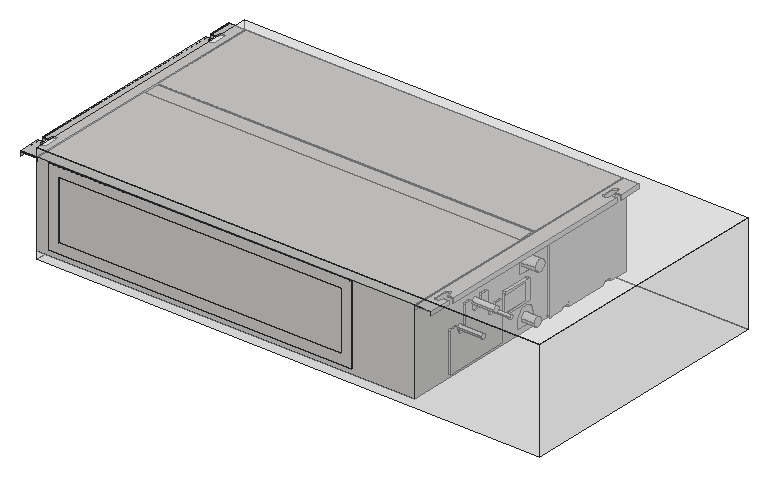
Revit family "outputfile", category 機械設備, Revit 2024
Family settings
  丸型コネクタ寸法 = 半径を使用
  パーツ タイプ = 標準
  OmniClass 番号 = 23.75.10.24.21.27.27
  OmniClass タイトル = Split System Air Conditioning Units
  作業面ベース = いいえ
  常に垂直 = はい
  ロード時にボイドで切り取り = いいえ
  注釈の向きを維持 = いいえ
  共有 = いいえ
  部屋計算ポイント = はい
Parameters (values of type "FPRAQ50APVM")
  Description = ""
  製造元 = "Daikin"
  書き出し IFC クラス(タイプ) = "IfcUnitaryEquipmentType"
  定義済み IFC タイプ(タイプ) = "AIRCONDITIONINGUNIT"
  Cost = 0
  モデル = "FPRAQ50APVM"
  Type Comments = ""
  Keynote = ""
  Type Image = (empty or 0)
  Assembly Code = ""
  r_HP/LP Gas Pipe Size = [HP/LP Gas Pipe Size] / 2  # 4.75 mm
  lw_suctionflange = 40.0 mm  # constant formula
  r_Liquid Pipe Size = Liquid Pipe Size / 2  # 3.2 mm
  r_Gas Pipe Size = Gas Pipe Size / 2  # 6.35 mm
  r_Drain Pipe Size = Drain Pipe Size / 2  # 13.0 mm
  lw_dischargeflange = 60.0 mm
  lw_SA_left = 451.0 mm
  lw_SA = Width - 178.0 mm  # 722.0 mm
  lw_RA = 818.0 mm
  lw_HP/LP Gas = 60.0 mm  # constant formula
  lh_suctionflange [instance] = if(Rear Connection_Return Air, -100.0 mm, -10.0 mm)  # -100.0 mm
  lh_power = 100.0 mm  # constant formula
  lh_mountinghole1 = lh_mountinghole  # 200.0 mm
  lh_dischargeflange = 105.5 mm  # constant formula
  lh_RA = 198.0 mm  # constant formula
  lh_HP/LP Gas = -103.0 mm  # constant formula
  left_pipe = yes
  ld_dischargeflange = 310.0 mm  # constant formula
  ld_suctionflange [instance] = if(Rear Connection_Return Air, 190.0 mm, 100.0 mm)  # 190.0 mm
  ld_HP/LP Gas = 179.0 mm  # constant formula
  angle_vertical_RA [instance] = if(Rear Connection_Return Air, 90.00°, 0.00°)  # 90.00°
  angle horizontal_RA [instance] = if(Rear Connection_Return Air, 180.00°, 270.00°)  # 180.00°
  Voltage_comment_60Hz = "220-230"
  Voltage_comment_50Hz = "220 - 240"
  Voltage_60Hz = 220 V
  Voltage_50Hz = 230 V
  URL = ""
  Supply Air Direction [instance] = yes
  Sound Power Level_H speed (dB) = 0
  Rear Connection_Return Air [instance] = not(Bottom Connection_Return Air)  # yes
  ld_RA = 190.0 mm  # constant formula
  Phase_60Hz = 1
  Phase_50Hz = 1
  Minimum External Static Pressure = 0.00 Pa
  Minimum Circuit Amps_60Hz = 0.63 A
  Minimum Circuit Amps_50Hz = 0.63 A
  Maximum Fuse Amps_60Hz = 16.0 A
  Maximum Fuse Amps_50Hz = 16.0 A
  Maximum External Static Pressure = 10.00 Pa
  Material_Casing = DAIKIN_GalvanizedSteel_Casing_indoorunit
  lw_mountinghole = 940.0 mm
  lh_gaspipe = -67.0 mm  # constant formula
  lh_mountinghole = 200.0 mm  # constant formula
  lh_liquidpipe = -103.0 mm  # constant formula
  lh_drainpipe = -50.0 mm  # constant formula
  lh_antena = 1.0 mm  # constant formula
  ld_drainpipe = 23.0 mm  # constant formula
  ld_liquidpipe = 89.0 mm  # constant formula
  ld_gaspipe = 134.0 mm  # constant formula
  ld_mountinghole = 500.0 mm  # constant formula
  h*** = 100.0 mm  # constant formula
  lw_liquidpipe = 54.5 mm  # constant formula
  lw_gaspipe = 54.5 mm  # constant formula
  lw_drainpipe = 33.0 mm  # constant formula
  Width = 900.0 mm
  Version = "ver.1.0"
  Unit Type = "Moisture Control 3D Air Flow Ceiling Mounted Duct Type"
  Unit Mass Weight = 28.00 kg
  Unit Designation [instance] = ""
  Uniclass2015Version = "Products v1.30"
  Uniclass2015Title = "Variable refrigerant flow units"
  Uniclass2015Code = "Pr_70_65_03_94"
  Total Cooling Capacity [instance] = 0.000 kW
  Sound Pressure Level_M speed (dBA) = 33
  Sound Pressure Level_L speed (dBA) = 30
  Sound Pressure Level_H speed (dBA) = 36
  Series = "VRV HOME_Fan Coil Unit"
  Sensible Cooling Capacity [instance] = 0.000 kW
  SA Duct Size Width = 656.0 mm
  SA Duct Size Height = 141.0 mm
  Refrigerant Type = "R410A"
  RA Duct Size Width = 780.0 mm
  RA Duct Size Height = 160.0 mm
  Power Input (Cooling) = 0.055 kW
  Option Accessory 3 [instance] = ""
  Option Accessory 2 [instance] = ""
  Option Accessory 1 [instance] = ""
  Nominal Cooling Capacity = 5.600 kW
  Minimum Airflow = 600.00 m³/h
  Median Airflow = 690.00 m³/h
  Maximum Airflow = 810.00 m³/h
  Load Classification = HVAC
  Liquid Pipe Size = 6.4 mm
  Link_Nested Family [instance] = ""
  IfcVersion = ""
  IfcExportType = "AIRCONDITIONINGUNIT"
  IfcExportAs = "IfcUnitaryEquipmentType"
  Height = 200.0 mm
  Heat Exchanger Type = "Cross Fin Coil"
  HP/LP Gas Pipe Size = 9.5 mm
  Gas Pipe Size = 12.7 mm
  Frequency_60Hz = 60 Hz
  Frequency_50Hz = 50 Hz
  Fan Type = "Sirocco Fan"
  Fan Drive = "Direct Drive"
  FCU Tag No. [instance] = ""
  Drain Pipe Size = 26.0 mm
  Design Supply Airflow [instance] = 0.00 m³/h
  Design Return Airflow [instance] = 0.00 m³/h
  Design External Static Pressure [instance] = 0.00 Pa
  Depth = 620.0 mm
  既定の高さ = 0.0 mm
  Cooling Entering Wet Bulb Temperature [instance] = 0.00 °C
  Cooling Entering Dry Bulb Temperature [instance] = 0.00 °C
  Cooling Ambient Wet Bulb Temperature [instance] = 0.00 °C
  Cooling Ambient Dry Bulb Temperature [instance] = 0.00 °C
  Clearance visibility [instance] = yes
  Clearance Top = 20.0 mm
  Clearance Right = 300.0 mm
  Clearance Rear = 0.0 mm
  Clearance Left = 0.0 mm
  Clearance Front = 0.0 mm
  Clearance Bottom = 20.0 mm
  Bottom Connection_Return Air [instance] = no
Reference planes
  plane 1 "Center (Front/Back)": y = 0
  plane 2 "h": z = 0
  plane 3 "Center (Left/Right)": x = 0
  plane 4 "Back": y = 310
  plane 5 "Front": y = -310
  plane 6 "Left": x = -450
  plane 7 "Reight": x = 450
  plane 8 "Top": z = 0
  plane 9 "Bottom": z = -200
  plane 10: z = 1.2
  plane 11: z = -2
  plane 12: y = -136.255
  plane 13: y = -88.831
  plane 14: x = -370
  plane 15 "lh_mountinghole": z = 0
  plane 16: z = -50
  plane 17: y = -250
  plane 18: y = 250
  plane 19 "ld_liquidpipe": y = -89
  plane 20 "ld_gaspipe": y = -134
  plane 21: y = -215
  plane 22 "ld_drainpipe": y = 23
  plane 23: x = -470
  plane 24: x = -450
  plane 25: x = 448.7
  plane 26: x = 483
  plane 27: x = 457
  plane 28: x = 460
  plane 29: x = 458
  plane 30: x = 470
  plane 31: y = 20
  plane 32: x = 480
  plane 33: x = 448
  plane 34: y = 310
  plane 35: y = -310
  plane 36: x = -450
  plane 37: x = 750
  plane 38: z = 20
  plane 39: z = -220
  plane 40: y = 335
  plane 41: z = -198
  plane 42: z = 205.102
  plane 43 "d_liquid_pipe": x = 504.5
  plane 44 "d_gas_pipe": x = 504.5
  plane 45 "ld_SA": y = -310
  plane 46: x = -350
  plane 47: x = -60
  plane 48: y = 500
  plane 49: z = -94.5
  plane 50: x = -449
  plane 51: z = -199
  plane 52: z = -1
  plane 53: y = 120
  plane 54: y = 110
  plane 55: z = -10
  plane 56 "RA_width": x = -40
  plane 57: y = 210
  plane 58 "RA_depth": y = 120
  plane 59: z = -100
  plane 60: x = -349
  plane 61: y = 309
  plane 62: x = 341.57
  plane 63: z = -30
  plane 64 "ld_HP/LP Gas": y = -179
  plane 65: x = 510
  plane 66: x = 430.5
  plane 67: y = 260.8
  plane 68 "h115": z = -84.79
  plane 69: y = 194.79
Forms (mm)
  Extrusion 1, solid, material "DAIKIN_GalvanizedSteel_Casing_indoorunit" <- "Material_Casing"
    sketch origin (0, 0, 0) x (1, 0, 0) y (0, 1, 0)
      loop
        line (-450, 310) -> (-450, -310) -> (450, -310) -> (450, 310) -> (-450, 310)
    from -200 to 0
  Extrusion 2, solid, material "DAIKIN_GalvanizedSteel_Casing_indoorunit" <- "Material_Casing"
    sketch origin (0, 0, 0) x (0, 1, 0) y (0, 0, 1)
      loop
        arc (22.012, -86.909) -> (21.133, -84.787) -> (19.012, -83.909) r 3
        line (19.012, -83.909) -> (-47.992, -83.909)
        arc (-47.992, -83.909) -> (-50.114, -84.788) -> (-50.992, -86.91) r 3
        line (-50.992, -86.91) -> (-50.992, -128.409)
        arc (-50.992, -128.409) -> (-50.114, -130.53) -> (-47.992, -131.409) r 3
        line (-47.992, -131.409) -> (19.012, -131.409)
        arc (19.012, -131.409) -> (21.133, -130.53) -> (22.012, -128.409) r 3
        line (22.012, -128.409) -> (22.012, -86.909)
    from 450 to 460
  Extrusion 3, void
    sketch origin (0, 0, 0) x (1, 0, 0) y (0, 1, 0)
      loop
        line (448.7, 48.53) -> (-450, 48.53) -> (-450, 6.27) -> (448.7, 6.27) -> (448.7, 48.53)
    from -2 to 0
  Extrusion 4, void
    sketch origin (0, 0, 0) x (0, 1, 0) y (0, 0, 1)
      loop
        line (-138.492, -87.409) -> (-138.492, -127.909) -> (9.612, -127.909) -> (9.612, -87.409) -> (-138.492, -87.409)
    from 458 to 460
  Extrusion 5, solid, material "DAIKIN_GalvanizedSteel_Casing_indoorunit" <- "Material_Casing"
    sketch origin (0, 0, 0) x (0, 1, 0) y (0, 0, 1)
      loop
        circle (20, -170) r 10
    from 450 to 480
  Extrusion 6, solid, material "DAIKIN_GalvanizedSteel_Casing_indoorunit" <- "Material_Casing"
    sketch origin (0, 0, 0) x (0, 1, 0) y (0, 0, 1)
      loop
        circle (23, -50) r 13
    from 448 to 483
  Extrusion 7, void
    sketch origin (0, 0, 0) x (0, 1, 0) y (0, 0, 1)
      loop
        arc (2.051, -70.461) -> (3.512, -73.988) -> (7.039, -75.449) r 4.988
        line (7.039, -75.449) -> (38.961, -75.449)
        arc (38.961, -75.449) -> (42.488, -73.988) -> (43.949, -70.461) r 4.988
        line (43.949, -70.461) -> (43.949, -34.039)
        arc (43.949, -34.039) -> (42.488, -30.512) -> (38.961, -29.051) r 4.988
        line (38.961, -29.051) -> (7.039, -29.051)
        arc (7.039, -29.051) -> (3.512, -30.512) -> (2.051, -34.039) r 4.988
        line (2.051, -34.039) -> (2.051, -70.461)
      loop
        arc (44.442, -169.501) -> (20.002, -145.061) -> (-4.438, -169.501) r 24.44
        line (-4.438, -169.501) -> (-4.438, -189.537) -> (44.442, -189.537) -> (44.442, -169.501)
    from 448 to 450
  Extrusion 8, solid
    sketch origin (0, 0, 0) x (0, 1, 0) y (0, 0, 1)
      loop
        circle (-89, -103) r 3.2
    from 450 to 504.5
  Extrusion 9, solid
    sketch origin (0, 0, 0) x (0, 1, 0) y (0, 0, 1)
      loop
        circle (-134, -67) r 6.35
    from 450 to 504.5
  Extrusion 10, solid, material "DAIKIN_GalvanizedSteel_Casing_indoorunit" <- "Material_Casing"
    sketch origin (0, 0, 0) x (1, 0, 0) y (0, 1, 0)
      loop
        circle (430.5, 260.8) r 17.5
    from -198 to -200
  Extrusion 11, void
    sketch origin (0, 0, 0) x (1, 0, 0) y (0, 0, 1)
      loop
        line (-449, -1) -> (-449, -199) -> (369, -199) -> (369, -1) -> (-449, -1)
    from -310 to -120
  Extrusion 12, void
    sketch origin (0, 0, 0) x (1, 0, 0) y (0, 1, 0)
      loop
        line (-449, 309) -> (-449, 111) -> (369, 111) -> (369, 309) -> (-449, 309)
    from -200 to -10
  Extrusion 13, solid, material "DAIKIN_GalvanizedSteel_Casing_indoorunit" <- "Material_Casing", visible <- "Rear Connection_Return Air"
    sketch origin (0, 0, 0) x (1, 0, 0) y (0, 1, 0)
      loop
        line (369, 309) -> (-449, 309) -> (-449, 111) -> (369, 111) -> (369, 309)
    from -200 to -199
  Extrusion 14, solid, material "DAIKIN_GalvanizedSteel_Casing_indoorunit" <- "Material_Casing", visible <- "Bottom Connection_Return Air"
    sketch origin (0, 0, 0) x (1, 0, 0) y (0, 0, 1)
      loop
        line (369, -1) -> (-449, -1) -> (-449, -199) -> (369, -199) -> (369, -1)
    from -310 to -300
  Extrusion 15, solid
    sketch origin (0, 0, 0) x (0, 1, 0) y (0, 0, 1)
      loop
        circle (-179, -103) r 4.75
    from 450 to 510
  Extrusion 16, solid, material "DAIKIN_GalvanizedSteel_Casing_indoorunit" <- "Material_Casing"
    sketch origin (0, 0, 0) x (0, 1, 0) y (0, 0, 1)
      loop
        arc (83.953, -195.012) -> (84.829, -197.128) -> (86.945, -198.005) r 2.993
        line (86.945, -198.005) -> (116.373, -198.005)
        arc (116.373, -198.005) -> (118.489, -197.128) -> (119.366, -195.012) r 2.993
        line (119.366, -195.012) -> (119.366, -188.29)
        arc (119.366, -188.29) -> (120.862, -186.794) -> (122.359, -188.29) r 1.496
        line (122.359, -188.29) -> (122.359, -190.333) -> (137.322, -190.333) -> (137.322, -188.29)
        arc (137.322, -188.29) -> (138.818, -186.794) -> (140.315, -188.29) r 1.496
        line (140.315, -188.29) -> (140.315, -195.012)
        arc (140.315, -195.012) -> (141.191, -197.128) -> (143.307, -198.005) r 2.993
        line (143.307, -198.005) -> (241.068, -198.005)
        arc (241.068, -198.005) -> (243.185, -197.128) -> (244.061, -195.012) r 2.993
        line (244.061, -195.012) -> (244.061, -188.29)
        arc (244.061, -188.29) -> (245.558, -186.794) -> (247.054, -188.29) r 1.496
        line (247.054, -188.29) -> (247.054, -190.333) -> (262.017, -190.333) -> (262.017, -188.29)
        arc (262.017, -188.29) -> (263.514, -186.794) -> (265.01, -188.29) r 1.496
        line (265.01, -188.29) -> (265.01, -195.012)
        arc (265.01, -195.012) -> (265.887, -197.128) -> (268.003, -198.005) r 2.993
        line (268.003, -198.005) -> (310, -198.005) -> (310, -22.445) -> (280.969, -22.445) -> (277.477, -25.937) -> (207.648, -25.937) -> (204.157, -22.445) -> (86.945, -22.445)
        arc (86.945, -22.445) -> (84.829, -23.322) -> (83.953, -25.438) r 2.993
        line (83.953, -25.438) -> (83.953, -195.012)
      loop
        arc (-116.44, -57.656) -> (-118.563, -58.535) -> (-119.443, -60.659) r 3.003
        line (-119.443, -60.659) -> (-119.443, -71.5)
        arc (-119.443, -71.5) -> (-134, -86.057) -> (-148.557, -71.5) r 14.557
        line (-148.557, -71.5) -> (-148.557, -60.659)
        arc (-148.557, -60.659) -> (-149.437, -58.535) -> (-151.56, -57.656) r 3.003
        line (-151.56, -57.656) -> (-164.073, -57.656)
        arc (-164.073, -57.656) -> (-166.196, -58.535) -> (-167.076, -60.659) r 3.003
        line (-167.076, -60.659) -> (-167.076, -103)
        arc (-167.076, -103) -> (-179.13, -115.055) -> (-191.185, -103) r 12.055
        line (-191.185, -103) -> (-191.185, -98.897)
        arc (-191.185, -98.897) -> (-192.064, -96.774) -> (-194.188, -95.894) r 3.003
        line (-194.188, -95.894) -> (-208.202, -95.894)
        arc (-208.202, -95.894) -> (-210.325, -96.774) -> (-211.205, -98.897) r 3.003
        line (-211.205, -98.897) -> (-211.205, -189.537) -> (-58.882, -189.537) -> (-58.882, -98.897)
        arc (-58.882, -98.897) -> (-59.762, -96.774) -> (-61.885, -95.894) r 3.003
        line (-61.885, -95.894) -> (-74.026, -95.894)
        arc (-74.026, -95.894) -> (-76.15, -96.774) -> (-77.029, -98.897) r 3.003
        line (-77.029, -98.897) -> (-77.029, -103)
        arc (-77.029, -103) -> (-88.977, -114.948) -> (-100.924, -103) r 11.948
        line (-100.924, -103) -> (-100.924, -60.659)
        arc (-100.924, -60.659) -> (-101.804, -58.535) -> (-103.927, -57.656) r 3.003
        line (-103.927, -57.656) -> (-116.44, -57.656)
    from 450 to 457
  Revolve 17, solid, material "DAIKIN_GalvanizedSteel_Casing_indoorunit" <- "Material_Casing", visible <- "left_pipe"
    sketch origin (0, 0, -84.79) x (0, 1, 0) y (-1, 0, 0)
      loop
        line (194.79, 450) -> (194.79, 465.7) -> (187.29, 465.7) -> (187.29, 458.7) -> (177.29, 458.7) -> (177.29, 450) -> (194.79, 450)
      axis (194.79, 465.7) -> (194.79, 450)
    angle from 0 to 360
Cuts and joins
  Extrusion 3, Extrusion 4, Extrusion 7, Extrusion 11, Extrusion 12 cuts Extrusion 1
  Extrusion 4 cuts Extrusion 2
  Extrusion 11 cuts Extrusion 6
Dimensions and locks
  "Height": plane 8 "Top" to plane 9 "Bottom"
  locked: plane 10 to plane 8 "Top" at 1.2
  locked: plane 8 "Top" to plane 11 at 2
  equal spacing: plane 17, plane 1 "Center (Front/Back)", plane 18
  "ld_mountinghole": plane 17 to plane 18
  "ld_gaspipe": plane 20 "ld_gaspipe" to plane 1 "Center (Front/Back)"
  "ld_liquidpipe": plane 19 "ld_liquidpipe" to plane 1 "Center (Front/Back)"
  equal spacing: plane 4 "Back", plane 1 "Center (Front/Back)", plane 5 "Front"
  "Depth": plane 4 "Back" to plane 5 "Front"
  locked: plane 12 to plane 1 "Center (Front/Back)" at 136.255
  locked: plane 12 to plane 13 at 47.425
  locked: plane 13 to plane 1 "Center (Front/Back)" at 88.831
  equal spacing: plane 6 "Left", plane 3 "Center (Left/Right)", plane 7 "Reight"
  "Width": plane 6 "Left" to plane 7 "Reight"
  "lw_drainpipe": plane 7 "Reight" to plane 26
  locked: plane 7 "Reight" to plane 27 at 7
  locked: plane 28 to plane 26 at 23
  locked: plane 29 to plane 26 at 25
  equal spacing: plane 23, plane 3 "Center (Left/Right)", plane 30
  "lw_mountinghole": plane 23 to plane 30
  locked: plane 7 "Reight" to plane 32 at 30
  locked: plane 33 to plane 7 "Reight" at 2
  "Clearance Left": plane 36 to plane 6 "Left"
  "Clearance Right": plane 7 "Reight" to plane 37
  "Clearance Rear": plane 34 to plane 4 "Back"
  "Clearance Front": plane 5 "Front" to plane 35
  "Clearance Top": plane 38 to plane 8 "Top"
  "Clearance Bottom": plane 9 "Bottom" to plane 39
  locked: plane 40 to plane 4 "Back" at 25
  locked: plane 25 to plane 7 "Reight" at 1.3
  locked: plane 41 to plane 9 "Bottom" at 2
  "lw_liquidpipe": plane 7 "Reight" to plane 43 "d_liquid_pipe"
  "lw_gaspipe": plane 7 "Reight" to plane 44 "d_gas_pipe"
  "lh_mountinghole": plane 15 "lh_mountinghole" to plane 9 "Bottom"
  "ld_suctionflange": plane 48 to plane 4 "Back"
  "lw_dischargeflange": plane 47 to plane 3 "Center (Left/Right)"
  "lh_dischargeflange": plane 49 to plane 9 "Bottom"
  locked: plane 8 "Top" to plane 52 at 1
  locked: plane 50 to plane 6 "Left" at 1
  locked: plane 51 to plane 9 "Bottom" at 1
  locked: plane 55 to plane 9 "Bottom" at 190
  locked: plane 4 "Back" to plane 53 at 190
  locked: plane 4 "Back" to plane 54 at 200
  locked: plane 4 "Back" to plane 57 at 100
  "lw_suctionflange": plane 56 "RA_width" to plane 3 "Center (Left/Right)"
  "ld_suctionflange": plane 4 "Back" to plane 58 "RA_depth"
  "lh_power": plane 59 to plane 9 "Bottom"
  locked: plane 46 to plane 60 at 1
  locked: plane 34 to plane 61 at 1
  locked: plane 8 "Top" to plane 63 at 30
  locked: plane 7 "Reight" to plane 62 at 108.43
  locked: plane 16 to plane 9 "Bottom" at 150
  locked: Extrusion 3 sketch curve to Extrusion 3 sketch curve at 42.26
  "ld_HP/LP Gas": plane 64 "ld_HP/LP Gas" to plane 1 "Center (Front/Back)"
  "ld_drainpipe": plane 1 "Center (Front/Back)" to plane 22 "ld_drainpipe"
  locked: plane 1 "Center (Front/Back)" to plane 31 at 20
  locked: Extrusion 5 sketch curve to plane 9 "Bottom" at 30
  Extrusion 15 sketch curve to plane 9 "Bottom" = 97.0 mm
  "lw_HP/LP Gas": plane 7 "Reight" to plane 65
  locked: Extrusion 9 sketch curve to plane 9 "Bottom" at 133
  locked: Extrusion 8 sketch curve to plane 9 "Bottom" at 97
  plane 66 to plane 7 "Reight" = 19.5 mm
  locked: plane 68 "h115" to plane 9 "Bottom" at 115.21
  locked: plane 4 "Back" to plane 69 at 115.21
  Revolve 17 sketch curve to plane 6 "Left" = 8.7 mm
  Revolve 17 sketch curve to plane 6 "Left" = 15.7 mm
  locked: plane 69 to Revolve 17 sketch curve at 17.5
  locked: plane 69 to Revolve 17 sketch curve at 7.5
  "ld_dischargeflange": plane 45 "ld_SA" to plane 1 "Center (Front/Back)"
  plane 4 "Back" to cut or joined group of Extrusion 1, Extrusion 3, Extrusion 4, Extrusion 7, Extrusion 11, Extrusion 12 = 261.47 mm
  plane 4 "Back" to plane 67 = 49.2 mm
  "Drain Pipe Size": diameter of Extrusion 6 sketch curve
  "Liquid Pipe Size": diameter of Extrusion 8 sketch curve
  "Gas Pipe Size": diameter of Extrusion 9 sketch curve
  "HP/LP Gas Pipe Size": diameter of Extrusion 15 sketch curve
  aligned and locked: level to plane 2 "h"
  aligned and locked: plane 8 "Top" to Extrusion 1
  aligned and locked: Extrusion 1 to plane 9 "Bottom"
  aligned and locked: Extrusion 3 to plane 11
  aligned and locked: plane 8 "Top" to Extrusion 3
  aligned and locked: Extrusion 2 to Extrusion 4
  aligned and locked: nested 3 to plane 20 "ld_gaspipe"
  aligned and locked: nested 4 to plane 19 "ld_liquidpipe"
  aligned and locked: nested 5 to plane 22 "ld_drainpipe"
  aligned and locked: nested 1 to plane 7 "Reight"
  aligned and locked: plane 6 "Left" to plane 24
  aligned and locked: Extrusion 3 sketch curve to plane 24
  aligned and locked: Extrusion 3 sketch curve to plane 25
  aligned and locked: cut or joined group of Extrusion 1, Extrusion 3, Extrusion 4, Extrusion 7, Extrusion 11, Extrusion 12 to plane 6 "Left"
  aligned and locked: plane 7 "Reight" to cut or joined group of Extrusion 1, Extrusion 3, Extrusion 4, Extrusion 7, Extrusion 11, Extrusion 12
  aligned and locked: plane 26 to Extrusion 6
  aligned and locked: Extrusion 6 to plane 26  (x2)
  aligned and locked: plane 7 "Reight" to nested 1
  aligned and locked: plane 28 to cut or joined group of Extrusion 2, Extrusion 4
  aligned and locked: cut or joined group of Extrusion 2, Extrusion 4 to plane 29
  aligned and locked: nested 2 to plane 6 "Left"
  aligned and locked: plane 31 to Extrusion 5 sketch curve
  aligned and locked: Extrusion 5 to plane 7 "Reight"
  aligned and locked: plane 32 to Extrusion 5
  aligned and locked: Extrusion 2 to plane 7 "Reight"
  aligned and locked: plane 7 "Reight" to Extrusion 7
  aligned and locked: plane 33 to Extrusion 7
  aligned and locked: plane 33 to Extrusion 6
  aligned and locked: plane 3 "Center (Left/Right)" to nested 6
  aligned and locked: plane 1 "Center (Front/Back)" to nested 6
  aligned and locked: plane 4 "Back" to cut or joined group of Extrusion 1, Extrusion 3, Extrusion 4, Extrusion 7, Extrusion 11, Extrusion 12
  aligned and locked: nested 7 to plane 35
  aligned and locked: plane 36 to nested 7
  aligned and locked: plane 37 to nested 7
  aligned and locked: nested 7 to plane 36
  aligned and locked: plane 34 to nested 7
  aligned and locked: plane 38 to nested 7
  aligned and locked: plane 39 to nested 7
  aligned and locked: Extrusion 8 to plane 7 "Reight"
  aligned and locked: plane 43 "d_liquid_pipe" to Extrusion 8
  aligned and locked: plane 20 "ld_gaspipe" to Extrusion 9 sketch curve
  aligned and locked: Extrusion 9 to plane 7 "Reight"
  aligned and locked: plane 44 "d_gas_pipe" to Extrusion 9
  aligned and locked: plane 44 "d_gas_pipe" to nested 3
  aligned and locked: plane 43 "d_liquid_pipe" to nested 4
  aligned and locked: plane 19 "ld_liquidpipe" to Extrusion 8 sketch curve
  aligned and locked: plane 15 "lh_mountinghole" to nested 2
  aligned and locked: plane 15 "lh_mountinghole" to nested 1
  aligned and locked: plane 30 to nested 8
  aligned and locked: plane 17 to nested 8
  aligned and locked: plane 30 to nested 11
  aligned and locked: plane 18 to nested 11
  aligned and locked: plane 23 to nested 9
  aligned and locked: plane 18 to nested 9
  aligned and locked: plane 23 to nested 10
  aligned and locked: plane 17 to nested 10
  aligned and locked: plane 47 to nested 12
  aligned and locked: plane 49 to nested 12
  aligned and locked: Extrusion 10 to plane 9 "Bottom"
  aligned and locked: nested 13 to plane 9 "Bottom"
  aligned and locked: plane 50 to Extrusion 11 sketch curve
  aligned and locked: Extrusion 11 sketch curve to plane 52
  aligned and locked: plane 51 to Extrusion 11 sketch curve
  aligned and locked: plane 4 "Back" to Extrusion 11
  aligned and locked: Extrusion 12 to plane 9 "Bottom"
  aligned and locked: plane 55 to Extrusion 12
  aligned and locked: Extrusion 13 sketch curve to cut or joined group of Extrusion 1, Extrusion 3, Extrusion 4, Extrusion 7, Extrusion 11, Extrusion 12
  aligned and locked: cut or joined group of Extrusion 1, Extrusion 3, Extrusion 4, Extrusion 7, Extrusion 11, Extrusion 12 to Extrusion 13 sketch curve
  aligned and locked: Extrusion 13 to plane 9 "Bottom"
  aligned and locked: Extrusion 11 to plane 53
  aligned and locked: Extrusion 14 sketch curve to cut or joined group of Extrusion 1, Extrusion 3, Extrusion 4, Extrusion 7, Extrusion 11, Extrusion 12  (x3)
  aligned and locked: plane 4 "Back" to Extrusion 14
  aligned and locked: Extrusion 13 to cut or joined group of Extrusion 1, Extrusion 3, Extrusion 4, Extrusion 7, Extrusion 11, Extrusion 12
  aligned and locked: plane 7 "Reight" to nested 5
  aligned and locked: plane 22 "ld_drainpipe" to nested 5
  aligned and locked: nested 2 to plane 1 "Center (Front/Back)"
  aligned and locked: plane 22 "ld_drainpipe" to Extrusion 6 sketch curve
  aligned and locked: plane 7 "Reight" to nested 17
  aligned and locked: plane 64 "ld_HP/LP Gas" to nested 17
  aligned and locked: plane 64 "ld_HP/LP Gas" to Extrusion 15 sketch curve
  aligned and locked: Extrusion 15 to plane 65
  aligned and locked: Extrusion 16 to plane 7 "Reight"
  aligned and locked: Extrusion 16 to plane 27
  aligned and locked: plane 67 to Extrusion 10 sketch curve
  aligned and locked: plane 66 to Extrusion 10 sketch curve
  aligned and locked: plane 66 to nested 13
  aligned and locked: plane 67 to nested 13
  aligned and locked: nested 16 to Extrusion 13 sketch curve
  aligned and locked: plane 56 "RA_width" to nested 15
  aligned and locked: Extrusion 15 to plane 7 "Reight"
  aligned and locked: plane 56 "RA_width" to nested 16
  aligned and locked: Revolve 17 sketch curve to plane 69  (x2)
  aligned and locked: nested 15 to plane 58 "RA_depth"
  aligned and locked: plane 47 to nested 18
  aligned and locked: nested 18 to plane 49
  aligned and locked: plane 1 "Center (Front/Back)" to nested 12
  aligned and locked: plane 45 "ld_SA" to nested 18
  aligned and locked: plane 5 "Front" to Extrusion 1 sketch curve
Automatic sketch dimensions
  Extrusion 1 sketch curve to plane 6 "Left" = 0.0 mm
  Extrusion 1 sketch curve to plane 7 "Reight" = 0.0 mm
  Extrusion 1 sketch curve to plane 4 "Back" = 0.0 mm
  plane 6 "Left" to Extrusion 12 sketch curve = 1.0 mm
  Extrusion 12 sketch curve to plane 7 "Reight" = 81.0 mm
  Extrusion 12 sketch curve to plane 4 "Back" = 1.0 mm
  Extrusion 13 sketch curve to plane 4 "Back" = 1.0 mm
  plane 33 to Extrusion 14 sketch curve = 79.0 mm
  plane 33 to Extrusion 11 sketch curve = 79.0 mm
  plane 54 to Extrusion 12 sketch curve = 1.0 mm
  Extrusion 6 sketch curve to plane 16 = 0.0 mm
  Extrusion 2 sketch curve to Extrusion 2 sketch curve = 3.0 mm  (x5)
  Extrusion 2 sketch curve to plane 49 = 7.591 mm
  Extrusion 4 sketch curve to plane 49 = 7.091 mm
  Extrusion 4 sketch curve to plane 1 "Center (Front/Back)" = 9.612 mm
  plane 20 "ld_gaspipe" to Extrusion 4 sketch curve = 4.492 mm
  Extrusion 4 sketch curve to plane 59 = 27.909 mm
  plane 22 "ld_drainpipe" to Extrusion 2 sketch curve = 3.988 mm
  Extrusion 2 sketch curve to plane 59 = 28.409 mm
  Extrusion 2 sketch curve to plane 19 "ld_liquidpipe" = 41.008 mm
  plane 1 "Center (Front/Back)" to Extrusion 7 sketch curve = 4.438 mm
  Extrusion 7 sketch curve to plane 1 "Center (Front/Back)" = 2.051 mm
  plane 63 to Extrusion 7 sketch curve = 0.949 mm
  Extrusion 7 sketch curve to plane 1 "Center (Front/Back)" = 7.039 mm  (x2)
  plane 22 "ld_drainpipe" to Extrusion 7 sketch curve = 2.998 mm
  Extrusion 7 sketch curve to plane 22 "ld_drainpipe" = 15.961 mm  (x2)
  Extrusion 7 sketch curve to Extrusion 7 sketch curve = 4.988 mm
  Extrusion 7 sketch curve to plane 49 = 24.039 mm
  plane 41 to Extrusion 7 sketch curve = 28.499 mm
  plane 41 to Extrusion 7 sketch curve = 8.463 mm
  Extrusion 16 sketch curve to plane 21 = 3.795 mm  (x2)
  Extrusion 16 sketch curve to Extrusion 16 sketch curve = 3.003 mm  (x6)
  plane 49 to Extrusion 16 sketch curve = 1.394 mm  (x4)
  Extrusion 16 sketch curve to Extrusion 16 sketch curve = 0.0 mm  (x18)
  plane 49 to Extrusion 16 sketch curve = 4.397 mm  (x2)
  Extrusion 16 sketch curve to Extrusion 16 sketch curve = 14.014 mm
  Extrusion 16 sketch curve to plane 64 "ld_HP/LP Gas" = 0.13 mm
  plane 64 "ld_HP/LP Gas" to Extrusion 16 sketch curve = 11.924 mm
  Extrusion 16 sketch curve to Extrusion 16 sketch curve = 12.513 mm  (x2)
  plane 20 "ld_gaspipe" to Extrusion 16 sketch curve = 0.0 mm
  Extrusion 16 sketch curve to plane 59 = 3.0 mm  (x3)
  plane 19 "ld_liquidpipe" to Extrusion 16 sketch curve = 11.924 mm
  Extrusion 16 sketch curve to plane 19 "ld_liquidpipe" = 0.023 mm
  Extrusion 16 sketch curve to Extrusion 16 sketch curve = 12.141 mm
  plane 41 to Extrusion 16 sketch curve = 8.463 mm
  Extrusion 16 sketch curve to plane 19 "ld_liquidpipe" = 30.118 mm
  plane 63 to Extrusion 16 sketch curve = 4.562 mm
  Extrusion 16 sketch curve to plane 53 = 36.047 mm
  Extrusion 16 sketch curve to Extrusion 16 sketch curve = 2.993 mm  (x4)
  Extrusion 16 sketch curve to plane 41 = 0.005 mm  (x3)
  Extrusion 16 sketch curve to plane 53 = 3.627 mm
  Extrusion 16 sketch curve to plane 53 = 0.634 mm
  plane 53 to Extrusion 16 sketch curve = 0.862 mm
  Extrusion 16 sketch curve to Extrusion 16 sketch curve = 14.963 mm
  Extrusion 16 sketch curve to Extrusion 16 sketch curve = 1.496 mm  (x3)
  Extrusion 16 sketch curve to plane 57 = 5.843 mm
  Extrusion 16 sketch curve to plane 57 = 2.352 mm
  plane 18 to Extrusion 16 sketch curve = 8.932 mm
  plane 18 to Extrusion 16 sketch curve = 5.939 mm
  Extrusion 16 sketch curve to plane 18 = 12.017 mm
  plane 63 to Extrusion 16 sketch curve = 4.063 mm
  Extrusion 16 sketch curve to plane 18 = 27.477 mm
  Extrusion 16 sketch curve to Extrusion 16 sketch curve = 3.491 mm
  Extrusion 16 sketch curve to plane 4 "Back" = 0.0 mm
  Extrusion 16 sketch curve to Extrusion 16 sketch curve = 4.679 mm  (x2)
  Extrusion 16 sketch curve to Extrusion 16 sketch curve = 2.042 mm  (x4)
  Extrusion 16 sketch curve to plane 49 = 23.0 mm
  Extrusion 16 sketch curve to Extrusion 16 sketch curve = 10.841 mm  (x4)
  plane 63 to Extrusion 16 sketch curve = 7.555 mm
  Revolve 17 sketch curve to plane 6 "Left" = 0.0 mm
  plane 60 to Revolve 17 sketch curve = 53.3 mm
  Revolve 17 sketch curve to plane 14 = 10.7 mm
  Extrusion 3 sketch curve to plane 1 "Center (Front/Back)" = 6.27 mm
  radius of Extrusion 5 sketch curve = 10.0 mm
  radius of Extrusion 10 sketch curve = 17.5 mm
Nested families
  nested 1: "daikin_hangerfixture_FPRSQ-APVM" at (450, 0, 0), type "daikin_hangerfixture_FPRSQ-APVM"
  nested 2: "daikin_hangerfixture_FPRSQ-APVM" at (-450, 0, 0) x (-1, 0, 0) z (0, 0, 1), type "daikin_hangerfixture_FPRSQ-APVM"
  nested 3: "daikin_connector_rotate2" at (450, -134, -67) x (0, 1, 0) z (0, 0, 1), length <- "lw_gaspipe", built-in parameter 1001364 <- "lh_gaspipe", type "daikin_connector_rotate2"
    with radius 6.35 mm, length 54.5 mm, angle_vertical 90.00°
  nested 4: "daikin_connector_rotate2" at (450, -89, -103) x (0, 1, 0) z (0, 0, 1), length <- "lw_liquidpipe", built-in parameter 1001364 <- "lh_liquidpipe", type "daikin_connector_rotate2"
    with radius 3.2 mm, length 54.5 mm, angle_vertical 90.00°
  nested 5: "daikin_connector_rotate2" at (450, 23, -50) x (0, 1, 0) z (0, 0, 1), length <- "lw_drainpipe", built-in parameter 1001364 <- "lh_drainpipe", type "daikin_connector_rotate2"
    with radius 10.0 mm, length 33.0 mm, angle_vertical 90.00°
  nested 6: "daikin_△_symbolicline" at (0, 0, 200), built-in parameter 1001364 <- "Height", visible <- "Supply Air Direction", type "daikin_△_symbolicline"
    with length 200.0 mm
  nested 7: "daikin_clearancespace" at (150, 0, -99.881), visible <- "Clearance visibility", show <- "Clearance visibility", Link_Nested Family <- "Link_Nested Family", type "daikin_clearancespace"
    with width 1200.0 mm, show yes, height 240.0 mm, depth 620.0 mm, Link_Nested Family ""
  nested 8: "daikin_mountinghole" at (470, -250, -200), l_antenna <- "lh_antena", Link_Nested Family <- "Link_Nested Family", h_mountinghole <- "lh_mountinghole1", type "daikin_mountinghole"
    with show yes, l_antenna 1.0 mm, h_mountinghole 200.0 mm, Link_Nested Family ""
  nested 9: "daikin_mountinghole" at (-470, 250, -200), l_antenna <- "lh_antena", Link_Nested Family <- "Link_Nested Family", h_mountinghole <- "lh_mountinghole1", type "daikin_mountinghole"
    with show yes, l_antenna 1.0 mm, h_mountinghole 200.0 mm, Link_Nested Family ""
  nested 10: "daikin_mountinghole" at (-470, -250, -200), l_antenna <- "lh_antena", Link_Nested Family <- "Link_Nested Family", h_mountinghole <- "lh_mountinghole1", type "daikin_mountinghole"
    with show yes, l_antenna 1.0 mm, h_mountinghole 200.0 mm, Link_Nested Family ""
  nested 11: "daikin_mountinghole" at (470, 250, -200), l_antenna <- "lh_antena", Link_Nested Family <- "Link_Nested Family", h_mountinghole <- "lh_mountinghole1", type "daikin_mountinghole"
    with show yes, l_antenna 1.0 mm, h_mountinghole 200.0 mm, Link_Nested Family ""
  nested 12: "daikin_connector_rotate2" at (-60, 0, -94.5), length <- "ld_dischargeflange", type "daikin_connector_rotate2"
    with radius 10.0 mm, length 310.0 mm, angle_vertical 90.00°
  nested 13: "daikin_connector_rotate2" at (430.5, 260.8, -100) x (1, 0, 0) z (0, -1, 0), length <- "lh_power", type "daikin_connector_rotate2"
    with radius 10.0 mm, length 100.0 mm, angle_vertical 90.00°
  nested 14: "daikin_ductflange_FPRSQ-APVM2" at (-40, 310, -199), height <- "lh_RA", width <- "lw_RA", visible <- "Rear Connection_Return Air", type "daikin_ductflange_FPRSQ-APVM2"
    with width 818.0 mm, height 198.0 mm, depth 8.188 mm
  nested 15: "daikin_connector_rotate3" at (-40, 120, -100), built-in parameter 1001364 <- "lh_suctionflange", length <- "ld_RA", angle_vertical <- "angle_vertical_RA", angle_horizontal <- "angle horizontal_RA", type "daikin_connector_rotate3"
    with show no, radius 10.0 mm, length 190.0 mm, angle_vertical 90.00°, angle_horizontal 180.00°
  nested 16: "daikin_ductflange_FPRSQ-APVM2" at (-40, 111, -200) x (1, 0, 0) z (0, 1, 0), width <- "lw_RA", height <- "lh_RA", visible <- "Bottom Connection_Return Air", type "daikin_ductflange_FPRSQ-APVM2"
    with width 818.0 mm, height 198.0 mm, depth 562.323 mm
  nested 17: "daikin_connector_rotate2" at (450, -179, -103) x (0, 1, 0) z (0, 0, 1), length <- "lw_HP/LP Gas", built-in parameter 1001364 <- "lh_HP/LP Gas", type "daikin_connector_rotate2"
    with radius 4.8 mm, length 60.0 mm, angle_vertical 90.00°
  nested 18: "daikin_ductflange_FPRSQ-APVM3" at (-60, -310, -193.5), height <- "lh_RA", width <- "lw_SA", type "daikin_ductflange_FPRSQ-APVM3"
    with width 722.0 mm, height 198.0 mm, depth 1.0 mm
Connectors
  piping at (504.5, -134, -67), diameter 12.7, driven by "r_Gas Pipe Size"
    settings: on nested 3, index 3, connector inside diameter 609.6 mm, connector length 0.0 mm, flow factor 0, pipe flow 0.00 m³/h, pressure drop 0.0 Pa, fitting loss kfactor 0, connector angle 0.00°, fixture units 0, engagement length 0.0 mm, angle of deflection 0.00°, flow configuration 1, flow direction 2, fitting loss method 0, system type 29, joint type 0, gender type 0, connector reference index -1, connector utility 0, adjustable connector no, is connector primary yes, connector description "Refrigerant Gas Piping"
  piping at (504.5, -89, -103), diameter 6.4, driven by "r_Liquid Pipe Size"
    settings: on nested 4, index 4, connector inside diameter 609.6 mm, connector length 0.0 mm, flow factor 0, pipe flow 0.00 m³/h, pressure drop 0.0 Pa, fitting loss kfactor 0, connector angle 0.00°, fixture units 0, engagement length 0.0 mm, angle of deflection 0.00°, flow configuration 1, flow direction 1, fitting loss method 0, system type 29, joint type 0, gender type 0, connector reference index -1, connector utility 0, adjustable connector no, is connector primary no, connector description "Refrigerant Liquid Piping"
  piping at (483, 23, -50), diameter 26, driven by "r_Drain Pipe Size"
    settings: on nested 5, index 5, connector inside diameter 609.6 mm, connector length 0.0 mm, flow factor 0, pipe flow 0.00 m³/h, pressure drop 0.0 Pa, fitting loss kfactor 0, connector angle 0.00°, fixture units 0, engagement length 0.0 mm, angle of deflection 0.00°, flow configuration 1, flow direction 2, fitting loss method 4, system type 16, joint type 0, gender type 0, connector reference index -1, connector utility 0, adjustable connector no, is connector primary no, connector description "Condensate Drain Piping"
  electrical at (430.5, 260.8, -200), driven by "Load Classification"
    settings: on nested 13, index 12, voltage 0 V, apparent load 0 VA, apparent load phase1 0 VA, apparent load phase2 0 VA, apparent load phase3 0 VA, power factor 1, load classification "HVAC", number of poles 1, system type 30, power factor state 1, is connector primary yes, connector utility no, sub classification motor no, connector description "Power Supply"
  hvac at (-40, 310, -100), driven by "RA Duct Size Height", driven by "RA Duct Size Width"
    settings: on nested 15, index 13, duct flow 0.00 m³/h, flow factor 0, pres drop 0.00 Pa, loss coef 0, conn angle 0.00°, conn width 780.0 mm, conn height 160.0 mm, conn diameter 609.6 mm, duct sys type 2, conn prof type 1, flow config 0, flow direction 1, loss method 4, conn ref index -1, conn util no, is conn primary yes, conn desc "RA Duct"
  piping at (510, -179, -103), diameter 9.5, driven by "r_HP/LP Gas Pipe Size"
    settings: on nested 17, index 14, connector inside diameter 609.6 mm, connector length 0.0 mm, flow factor 0, pipe flow 0.00 m³/h, pressure drop 0.0 Pa, fitting loss kfactor 0, connector angle 0.00°, fixture units 0, engagement length 0.0 mm, angle of deflection 0.00°, flow configuration 1, flow direction 0, fitting loss method 0, system type 29, joint type 0, gender type 0, connector reference index -1, connector utility 0, adjustable connector no, is connector primary no, connector description "Refrigerant HP/LP Gas Piping"
  hvac at (-60, -310, -94.5), driven by "SA Duct Size Height", driven by "SA Duct Size Width"
    settings: on nested 12, index 15, duct flow 0.00 m³/h, flow factor 0, pres drop 0.00 Pa, loss coef 0, conn angle 0.00°, conn width 656.0 mm, conn height 141.0 mm, conn diameter 609.6 mm, duct sys type 1, conn prof type 1, flow config 0, flow direction 2, loss method 4, conn ref index -1, conn util no, is conn primary no, conn desc "SA Duct"
Definition of nested family "daikin_hangerfixture_FPRSQ-APVM"
  Parameters (values of type "daikin_hangerfixture_FXDSQ-AVM")
    width = 40.0 mm
    material = none
    height = 10.0 mm
    depth = 620.0 mm
    Default Elevation = 0.0 mm
  Reference planes
    plane 1 "Center (Front/Back)": y = 0
    plane 2: z = 0
    plane 3 "Center (Left/Right)": x = 0
    plane 4: y = 417.146
    plane 5: z = -1.6
    plane 6: x = 40
    plane 7: y = 310
    plane 8: y = -310
    plane 9: y = -313.5
    plane 10: y = 313.5
    plane 11: z = -10
    plane 12: x = 1.5
  Forms (mm)
    Extrusion 1, solid, material <- "material"
      sketch origin (0, 0, 0) x (1, 0, 0) y (0, 1, 0)
        loop
          line (12.981, 236.965) -> (12.981, 263.035)
          arc (12.981, 263.035) -> (20, 270.054) -> (27.019, 263.035) r 7.019
          line (27.019, 263.035) -> (27.019, 256.518) -> (40, 256.518) -> (40, 310) -> (0, 310) -> (0, -310) -> (40, -310) -> (40, -256.518) -> (27.019, -256.518) -> (27.019, -263.035)
          arc (27.019, -263.035) -> (20, -270.054) -> (12.981, -263.035) r 7.019
          line (12.981, -263.035) -> (12.981, -236.965)
          arc (12.981, -236.965) -> (20, -229.946) -> (27.019, -236.965) r 7.019
          line (27.019, -236.965) -> (27.019, -243.482) -> (40, -243.482) -> (40, 243.482) -> (27.019, 243.482) -> (27.019, 236.965)
          arc (27.019, 236.965) -> (20, 229.946) -> (12.981, 236.965) r 7.019
      from -1.6 to 0
    Extrusion 2, solid, material <- "material"
      sketch origin (0, 0, 0) x (0, 1, 0) y (0, 0, 1)
        loop
          line (310, -10) -> (310, 0) -> (-310, 0) -> (-310, -10) -> (310, -10)
      from 0 to 1.5
    Extrusion 3, solid, material <- "material"
      sketch origin (0, 0, 0) x (0, 1, 0) y (0, 0, 1)
        loop
          line (-310, -10) -> (-256.518, -10) -> (-256.518, 0) -> (-310, 0) -> (-310, -10)
        loop
          line (310, -10) -> (310, 0) -> (256.518, 0) -> (256.518, -10) -> (310, -10)
        loop
          line (-243.482, 0) -> (-243.482, -10) -> (243.482, -10) -> (243.482, 0) -> (-243.482, 0)
      from 38.442 to 40
  Cuts and joins
    joined: Extrusion 1, Extrusion 2, Extrusion 3
  Dimensions and locks
    "width": plane 3 "Center (Left/Right)" to plane 6
    "depth": plane 8 to plane 7
    equal spacing: plane 8, plane 1 "Center (Front/Back)", plane 7
    locked: plane 9 to plane 8 at 3.5
    locked: plane 7 to plane 10 at 3.5
    "height": level to plane 11
    locked: plane 12 to plane 3 "Center (Left/Right)" at 1.5
    locked: Extrusion 3 to plane 6 at 1.558
    aligned and locked: level to plane 2
    aligned and locked: level to Extrusion 1
    aligned and locked: Extrusion 1 to plane 5
    aligned and locked: level to Extrusion 2 sketch curve
    aligned and locked: plane 12 to Extrusion 2
    aligned and locked: level to Extrusion 3 sketch curve
    aligned and locked: plane 6 to cut or joined group of Extrusion 1, Extrusion 2, Extrusion 3
    aligned and locked: cut or joined group of Extrusion 1, Extrusion 2, Extrusion 3 to plane 11
  Automatic sketch dimensions
    Extrusion 2 sketch curve to plane 7 = 0.0 mm
    Extrusion 1 sketch curve to plane 3 "Center (Left/Right)" = 0.0 mm
    Extrusion 1 sketch curve to plane 6 = 0.0 mm  (x3)
    plane 8 to Extrusion 1 sketch curve = 0.0 mm
    plane 7 to Extrusion 1 sketch curve = 0.0 mm
    plane 12 to Extrusion 1 sketch curve = 11.481 mm  (x2)
    Extrusion 1 sketch curve to Extrusion 1 sketch curve = 7.019 mm  (x4)
    Extrusion 1 sketch curve to plane 8 = 46.965 mm
    Extrusion 1 sketch curve to Extrusion 1 sketch curve = 6.518 mm  (x4)
    Extrusion 1 sketch curve to Extrusion 1 sketch curve = 13.035 mm  (x2)
    plane 7 to Extrusion 1 sketch curve = 73.035 mm
    Extrusion 3 sketch curve to plane 8 = 0.0 mm
    Extrusion 3 sketch curve to level = 0.0 mm  (x2)
    Extrusion 3 sketch curve to plane 7 = 0.0 mm
    Extrusion 3 sketch curve to plane 8 = 53.482 mm
    Extrusion 3 sketch curve to Extrusion 3 sketch curve = 13.035 mm  (x2)
    plane 7 to Extrusion 3 sketch curve = 66.518 mm
    Extrusion 2 sketch curve to plane 8 = 0.0 mm
    Extrusion 2 sketch curve to plane 11 = 0.0 mm
    Extrusion 3 sketch curve to plane 11 = 0.0 mm  (x3)
Definition of nested family "daikin_clearancespace"
  Parameters (values of type "daikin_clearancespace")
    Description = "daikin_clearancespace"
    width [instance] = 1823.963 mm
    show [instance] = yes
    material = none
    height [instance] = 1359.762 mm
    depth [instance] = 880.0 mm
    Default Elevation = 0.0 mm
    Link_Nested Family [instance] = ""
  Reference planes
    plane 1 "Center (Front/Back)": y = 0
    plane 2 "Center (Elevation)": z = -0.119
    plane 3 "Center (Left/Right)": x = 0
    plane 4: y = 440
    plane 5: y = -440
    plane 6 "Right": x = 911.982
    plane 7 "Left": x = -911.982
    plane 8 "Top": z = 679.762
    plane 9 "Bottom": z = -680
  Forms (mm)
    Extrusion 1, solid, material <- "material", visible <- "show"
      sketch origin (0, 0, 0) x (1, 0, 0) y (0, 1, 0)
        loop
          line (-911.982, 440) -> (-911.982, -440) -> (911.982, -440) -> (911.982, 440) -> (-911.982, 440)
      from -680 to 679.762
  Lines and regions (mm)
    symbolic lines, visible <- "show"
      curve 1: line (911.982, 440, 0) -> (-911.982, 440, 0)
      curve 2: line (-911.982, 440, 0) -> (-911.982, -440, 0)
      curve 3: line (-911.982, -440, 0) -> (911.982, -440, 0)
      curve 4: line (911.982, -440, 0) -> (911.982, 440, 0)
      curve 5: line (911.982, 0, 679.762) -> (-911.982, 0, 679.762)
      curve 6: line (911.982, 0, -680) -> (911.982, 0, 679.762)
      curve 7: line (-911.982, 0, -680) -> (911.982, 0, -680)
      curve 8: line (-911.982, 0, 679.762) -> (-911.982, 0, -680)
      curve 9: line (0, 440, 679.762) -> (0, -440, 679.762)
      curve 10: line (0, -440, 679.762) -> (0, -440, -680)
      curve 11: line (0, 440, -680) -> (0, 440, 679.762)
      curve 12: line (0, -440, -680) -> (0, 440, -680)
  Dimensions and locks
    "width": plane 7 "Left" to plane 6 "Right"
    "depth": plane 4 to plane 5
    "height": plane 8 "Top" to plane 9 "Bottom"
    equal spacing: plane 7 "Left", plane 3 "Center (Left/Right)", plane 6 "Right"
    equal spacing: plane 4, plane 1 "Center (Front/Back)", plane 5
    equal spacing: plane 8 "Top", plane 2 "Center (Elevation)", plane 9 "Bottom"
    aligned and locked: level to plane 2 "Center (Elevation)"
    aligned and locked: Extrusion 1 sketch curve to plane 4
    aligned and locked: plane 7 "Left" to Extrusion 1 sketch curve
    aligned and locked: Extrusion 1 sketch curve to plane 5
    aligned and locked: Extrusion 1 sketch curve to plane 6 "Right"
    aligned and locked: plane 8 "Top" to Extrusion 1
    aligned and locked: curve 1 to Extrusion 1
    aligned and locked: curve 2 to Extrusion 1
    aligned and locked: curve 3 to Extrusion 1
    aligned and locked: curve 4 to Extrusion 1
    aligned and locked: curve 5 to Extrusion 1
    aligned and locked: curve 6 to Extrusion 1
    aligned and locked: curve 7 to Extrusion 1
    aligned and locked: curve 8 to Extrusion 1
    aligned and locked: curve 9 to Extrusion 1
    aligned and locked: curve 10 to Extrusion 1
    aligned and locked: curve 11 to Extrusion 1
    aligned and locked: curve 12 to Extrusion 1
    aligned and locked: Extrusion 1 to plane 9 "Bottom"
Definition of nested family "daikin_ductflange_FPRSQ-APVM2"
  Parameters (values of type "daikin_ductflange_FXDSQ-AVM2")
    width [instance] = 620.0 mm
    material = none
    height [instance] = 198.0 mm
    depth [instance] = 1.0 mm
    Default Elevation = 0.0 mm
  Reference planes
    plane 1 "Center (Front/Back)": y = 0
    plane 2: z = 0
    plane 3 "Center (Left/Right)": x = 0
    plane 4: x = -310
    plane 5: x = 310
    plane 6 "Top": z = 198
    plane 7: y = -1
    plane 8: z = 179
    plane 9: z = 19
    plane 10 "Center (Elevation)": z = 99
    plane 11: x = -291
    plane 12: x = 291
  Forms (mm)
    Extrusion 1, solid, material <- "material"
      sketch origin (0, 0, 0) x (1, 0, 0) y (0, 0, 1)
        loop
          line (-310, 198) -> (-310, 0) -> (310, 0) -> (310, 198) -> (-310, 198)
        loop
          line (-291, 179) -> (-291, 19) -> (291, 19) -> (291, 179) -> (-291, 179)
      from 0 to 1
  Dimensions and locks
    "height": plane 6 "Top" to plane 2
    "width": plane 4 to plane 5
    equal spacing: plane 4, plane 3 "Center (Left/Right)", plane 5
    Extrusion 1 sketch curve to Extrusion 1 sketch curve = 19.0 mm  (x4)
    "depth": plane 7 to plane 1 "Center (Front/Back)"
    locked: plane 6 "Top" to plane 8 at 19
    locked: plane 9 to plane 2 at 19
    equal spacing: plane 6 "Top", plane 10 "Center (Elevation)", plane 2
    locked: plane 11 to plane 4 at 19
    locked: plane 5 to plane 12 at 19
    aligned and locked: level to plane 2
    aligned and locked: Extrusion 1 sketch curve to plane 6 "Top"
    aligned and locked: plane 4 to Extrusion 1 sketch curve
    aligned and locked: Extrusion 1 sketch curve to plane 5
    aligned and locked: plane 2 to Extrusion 1 sketch curve
    aligned and locked: plane 11 to Extrusion 1
    aligned and locked: Extrusion 1 to plane 12
    aligned and locked: plane 9 to Extrusion 1
    aligned and locked: Extrusion 1 to plane 8
Definition of nested family "daikin_ductflange_FPRSQ-APVM3"
  Parameters (values of type "daikin_ductflange_FPRSQ-APVM3")
    width [instance] = 620.0 mm
    material = none
    height [instance] = 198.0 mm
    depth [instance] = 1.0 mm
    Default Elevation = 0.0 mm
  Reference planes
    plane 1 "Center (Front/Back)": y = 0
    plane 2: z = 0
    plane 3 "Center (Left/Right)": x = 0
    plane 4: x = -310
    plane 5: x = 310
    plane 6 "Top": z = 198
    plane 7: y = -1
    plane 8: z = 192.5
    plane 9: z = 5.5
    plane 10 "Center (Elevation)": z = 99
    plane 11: x = -287
    plane 12: x = 287
    plane 13: z = 28.5
    plane 14: z = 169.5
  Forms (mm)
    Extrusion 1, solid, material <- "material"
      sketch origin (0, 0, -785) x (1, 0, 0) y (0, 0, 1)
        loop
          line (-310, 977.5) -> (-310, 790.5) -> (310, 790.5) -> (310, 977.5) -> (-310, 977.5)
        loop
          line (-287, 954.5) -> (-287, 813.5) -> (287, 813.5) -> (287, 954.5) -> (-287, 954.5)
      from 0 to 1
  Dimensions and locks
    "height": plane 6 "Top" to plane 2
    "width": plane 4 to plane 5
    equal spacing: plane 4, plane 3 "Center (Left/Right)", plane 5
    "depth": plane 7 to plane 1 "Center (Front/Back)"
    equal spacing: plane 6 "Top", plane 10 "Center (Elevation)", plane 2
    locked: plane 11 to plane 4 at 23
    locked: plane 5 to plane 12 at 23
    locked: plane 13 to plane 9 at 23
    locked: plane 6 "Top" to plane 8 at 5.5
    locked: plane 8 to plane 14 at 23
    locked: plane 14 to plane 13 at 141
    aligned and locked: level to plane 2
    aligned and locked: plane 4 to Extrusion 1 sketch curve
    aligned and locked: Extrusion 1 sketch curve to plane 5
    aligned and locked: plane 11 to Extrusion 1  (x2)
    aligned and locked: Extrusion 1 to plane 12  (x2)
    aligned and locked: plane 5 to Extrusion 1
    aligned and locked: Extrusion 1 to plane 4
    aligned and locked: Extrusion 1 sketch curve to plane 8
    aligned and locked: Extrusion 1 sketch curve to plane 14
    aligned and locked: Extrusion 1 sketch curve to plane 13
    aligned and locked: Extrusion 1 sketch curve to plane 9
    aligned and locked: Extrusion 1 sketch curve to plane 12
    aligned and locked: plane 11 to Extrusion 1 sketch curve
Definition of nested family "daikin_connector_rotate2"
  Parameters (values of type "daikin_connector_rotate2")
    show_face = no
    radius [instance] = 10.0 mm
    length [instance] = 600.0 mm
    d_surface = 10.0 mm
    angle_vertical [instance] = 90.00°
    Default Elevation = 0.0 mm
  Reference planes
    plane 1 "Center (Front/Back)": y = 0
    plane 2: z = 0
    plane 3 "Center (Left/Right)": x = 0
  Forms (mm)
    Extrusion 1, solid, visible <- "show_face"
      sketch origin (0, -600, 0) x (1, 0, 0) y (0, 0, 1)
        loop
          circle (0, 0) r 10
      from 0 to -10
  Lines and regions (mm)
    reference lines
      curve 1: line (0, 0, 0) -> (0, -600, 0)
    symbolic lines
      curve 2: circle (0, 0, 0) r 5 normal (0, 0, 1)
    model lines, visible <- "show_face"
      curve 3: line (0, 0, 0) -> (0, -600, 0)
  Dimensions and locks
    "length": curve 1 to curve 1
    "length": curve 3 to curve 3
    "d_surface": Extrusion 1 to Extrusion 1
    "radius": radius of Extrusion 1 sketch curve
    "angle_vertical": angle curve 1 to plane 1 "Center (Front/Back)"
    "angle_vertical": angle curve 3 to plane 1 "Center (Front/Back)"
    aligned and locked: level to plane 2
    aligned and locked: plane 1 "Center (Front/Back)" to curve 1
    aligned and locked: plane 2 to curve 1
    aligned and locked: plane 1 "Center (Front/Back)" to curve 2
    aligned and locked: plane 3 "Center (Left/Right)" to curve 2
    aligned and locked: plane 1 "Center (Front/Back)" to curve 3
    aligned and locked: plane 2 to curve 3
    aligned and locked: Extrusion 1 to Extrusion 1
  Automatic sketch dimensions
    Extrusion 1 sketch curve to level = 0.0 mm
    Extrusion 1 sketch curve to plane 3 "Center (Left/Right)" = 0.0 mm
    radius of curve 2 = 5.0 mm
Definition of nested family "daikin_△_symbolicline"
  Parameters (values of type "daikin_△_symbolicline")
    length [instance] = 200.0 mm
    Default Elevation = 0.0 mm
  Reference planes
    plane 1 "Center (Front/Back)": y = 0
    plane 2: z = 0
    plane 3 "Center (Left/Right)": x = 0
  Lines and regions (mm)
    symbolic lines
      curve 1: line (0, -173.205, 0) -> (100, 0, 0)
      curve 2: line (100, 0, 0) -> (-100, 0, 0)
      curve 3: line (-100, 0, 0) -> (0, -173.205, 0)
  Dimensions and locks
    equal spacing: curve 3, plane 3 "Center (Left/Right)", curve 2
    "length": curve 3 to curve 2
    "length": curve 3 to curve 3
    "length": curve 1 to curve 1
    aligned and locked: level to plane 2
    aligned and locked: curve 2 to plane 1 "Center (Front/Back)"
    aligned and locked: plane 3 "Center (Left/Right)" to curve 3
Definition of nested family "daikin_mountinghole"
  Parameters (values of type "daikin_mountinghole")
    Default Elevation = 1219.2 mm
    Type Comments = "mountinghole"
    show [instance] = yes
    material = none
    l_centerline = 100.0 mm
    l_antenna [instance] = 100.0 mm
    h_mountinghole [instance] = 0.0 mm
    d_circle = 30.0 mm
    Link_Nested Family [instance] = ""
  Reference planes
    plane 1 "Center (Front/Back)": y = 0
    plane 2: z = 0
    plane 3 "Center (Left/Right)": x = 0
    plane 4: y = 50
    plane 5: x = -50
    plane 6: x = 50
    plane 7: y = -50
    plane 8 "h_mountinghole": z = 0
    plane 9: z = 100
  Lines and regions (mm)
    model lines, detail levels fine
      curve 1: circle (0, 0, 0) r 15 normal (0, 0, 1)
      curve 2: line (-50, 0, 0) -> (50, 0, 0)
      curve 3: line (0, 50, 0) -> (0, -50, 0)
    symbolic lines, detail levels fine
      curve 4: circle (0, 0, 0) r 15 normal (0, 0, 1)
      curve 5: line (-50, 0, 0) -> (50, 0, 0)
      curve 6: line (0, 50, 0) -> (0, -50, 0)
    model lines
      curve 7: line (0, 0, 100) -> (0, 0, 0)
  Dimensions and locks
    equal spacing: plane 4, plane 1 "Center (Front/Back)", plane 7
    "l_centerline": plane 4 to plane 7
    equal spacing: plane 5, plane 3 "Center (Left/Right)", plane 6
    "l_centerline": plane 5 to plane 6
    "l_antenna": plane 9 to plane 8 "h_mountinghole"
    "h_mountinghole": plane 8 "h_mountinghole" to plane 2
    "d_circle": diameter of curve 1
    "d_circle": diameter of curve 4
    aligned and locked: level to plane 2
    aligned and locked: plane 1 "Center (Front/Back)" to curve 1
    aligned and locked: plane 3 "Center (Left/Right)" to curve 1
    aligned and locked: plane 1 "Center (Front/Back)" to curve 2
    aligned and locked: curve 3 to plane 3 "Center (Left/Right)"
    aligned and locked: plane 6 to curve 2
    aligned and locked: plane 5 to curve 2
    aligned and locked: plane 4 to curve 3
    aligned and locked: plane 7 to curve 3
    aligned and locked: plane 1 "Center (Front/Back)" to curve 4
    aligned and locked: plane 3 "Center (Left/Right)" to curve 4
    aligned and locked: plane 6 to curve 5
    aligned and locked: plane 5 to curve 5
    aligned and locked: plane 1 "Center (Front/Back)" to curve 5
    aligned and locked: plane 4 to curve 6
    aligned and locked: plane 7 to curve 6
    aligned and locked: curve 6 to plane 3 "Center (Left/Right)"
    aligned and locked: curve 7 to plane 3 "Center (Left/Right)"
    aligned and locked: plane 9 to curve 7
    aligned and locked: plane 8 "h_mountinghole" to curve 7
Definition of nested family "daikin_connector_rotate3"
  Parameters (values of type "daikin_connector_rotate3")
    show [instance] = yes
    radius [instance] = 10.0 mm
    length [instance] = 600.0 mm
    angle_horizontal [instance] = 60.00°
    angle_vertical [instance] = 90.00°
    Default Elevation = 0.0 mm
  Reference planes
    plane 1 "Center (Front/Back)": y = 0
    plane 2: z = 0
    plane 3 "Center (Left/Right)": x = 0
  Dimensions and locks
    "angle_horizontal": angle plane 3 "Center (Left/Right)" to nested 1
    aligned and locked: level to plane 2
    aligned and locked: plane 1 "Center (Front/Back)" to nested 1  (x2)
    aligned and locked: plane 3 "Center (Left/Right)" to nested 1
  Nested families
    nested 1: "daikin_connector_rotate2" at (0, 0, 0) x (0.5, 0.866, 0) z (0, 0, 1), angle_vertical <- "angle_vertical", length <- "length", radius <- "radius", type "daikin_connector_rotate2"
      with radius 10.0 mm, length 600.0 mm, angle_vertical 90.00°
  Definition of nested family "daikin_connector_rotate2"
    Parameters (values of type "daikin_connector_rotate2")
      show_face = yes
      radius [instance] = 10.0 mm
      length [instance] = 600.0 mm
      d_surface = 10.0 mm
      angle_vertical [instance] = 90.00°
      Default Elevation = 0.0 mm
    Reference planes
      plane 1 "Center (Front/Back)": y = 0
      plane 2: z = 0
      plane 3 "Center (Left/Right)": x = 0
    Forms (mm)
      Extrusion 1, solid, visible <- "show_face"
        sketch origin (0, -600, 0) x (1, 0, 0) y (0, 0, 1)
          loop
            circle (0, 0) r 10
        from 0 to -10
    Lines and regions (mm)
      reference lines
        curve 1: line (0, 0, 0) -> (0, -600, 0)
      symbolic lines
        curve 2: circle (0, 0, 0) r 5 normal (0, 0, 1)
      model lines, visible <- "show_face"
        curve 3: line (0, 0, 0) -> (0, -600, 0)
    Dimensions and locks
      "length": curve 1 to curve 1
      "length": curve 3 to curve 3
      "d_surface": Extrusion 1 to Extrusion 1
      "radius": radius of Extrusion 1 sketch curve
      "angle_vertical": angle curve 1 to plane 1 "Center (Front/Back)"
      "angle_vertical": angle curve 3 to plane 1 "Center (Front/Back)"
      aligned and locked: level to plane 2
      aligned and locked: plane 1 "Center (Front/Back)" to curve 1
      aligned and locked: plane 2 to curve 1
      aligned and locked: plane 1 "Center (Front/Back)" to curve 2
      aligned and locked: plane 3 "Center (Left/Right)" to curve 2
      aligned and locked: plane 1 "Center (Front/Back)" to curve 3
      aligned and locked: plane 2 to curve 3
      aligned and locked: Extrusion 1 to Extrusion 1
    Automatic sketch dimensions
      Extrusion 1 sketch curve to level = 0.0 mm
      Extrusion 1 sketch curve to plane 3 "Center (Left/Right)" = 0.0 mm
      radius of curve 2 = 5.0 mm
